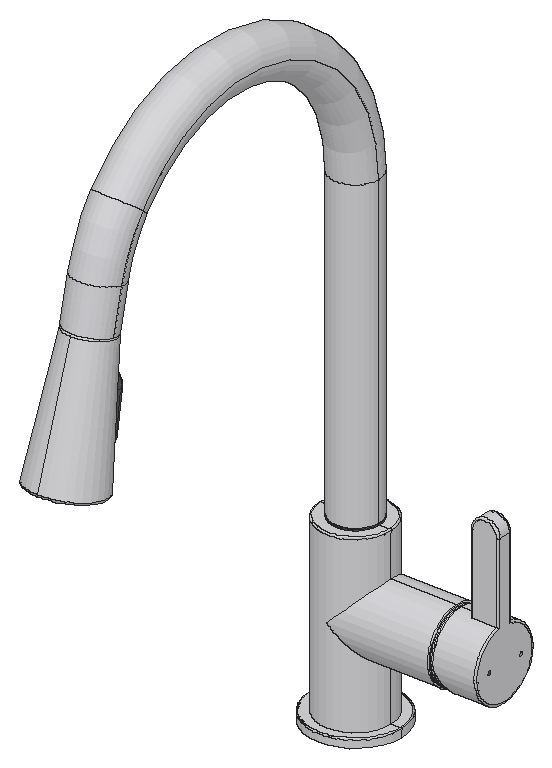
Revit family "Faucet-Kitchen-KOHLER-Atom-K-25981T", category Plumbing Fixtures, host Face, Revit 2022
Family settings
  Host = Face
  Round Connector Dimension = Use Diameter
  Part Type = Normal
  OmniClass Number = 23.31.11.00
  OmniClass Title = Faucets
  Cut with Voids When Loaded = No
  Maintain Annotation Orientation = No
  Shared = No
  Room Calculation Point = No
Parameters (values of type "CP-Polished Chrome")
  Width = 2 1/8"  # constant formula
  WaterSense Certified = 1 = 0  # no
  Waste Water Outlet = "Waste Water Outlet"  # constant formula
  Waste Connection = 1 = 0  # no
  Vent Connection = 1 = 0  # no
  URL = "http://www.kohler.com.cn/"
  Type = 1
  Spout Reach = 8 23/64"  # constant formula
  Product Page URL = "https://www.kohler.com.cn/product/K-25981T-4/K-25981T-4-CP/"
  Product Name = "Atom"  # constant formula
  Product Documentation Link = ""
  Pressure = 60.00 psi  # constant formula
  Model = "K-25981T-4-CP"  # constant formula
  Material = "Premium Metal Construction"  # constant formula
  Master Format 2014 Name = "Residential Faucets, Supplies, and Trim"  # constant formula
  Master Format 2014 = "22 41 39"  # constant formula
  Manufacturer Address = "Kohler Beijing Office (100016)36-2-03-B, No. 88, Liuxiang Road, Beijing"  # constant formula
  Manufacturer = "Kohler Co."  # constant formula
  Length = Spout Reach  # 8 23/64"
  Hot Water Inlet = "Hot Water Inlet"  # constant formula
  Height = 15 173/256"  # constant formula
  Handle Clearance = 2 61/64"  # constant formula
  HW Connection = 1 = 1  # yes
  Flow Rate = 2.2 GPM  # constant formula
  Finish = Kohler-Metal-CP-Polished_Chrome
  Environmental Product Declaration = ""
  Drain Included = 1 = 0  # no
  Description = "Airy pulls down the kitchen faucet"  # constant formula
  Default Elevation = 36"
  Declare Label = ""
  Date Modified = "04/09/2025"  # constant formula
  Date Created = "04/09/2025"  # constant formula
  Copyright = "Copyright Kohler Co."  # constant formula
  Contact Us = "http://www.kohler.com.cn/contact/contact-us/"
  Cold Water Inlet = "Cold Water Inlet"  # constant formula
  CW Connection = 1 = 1  # yes
  Assembly Code = "D2010"
  ADA Compliant = 1 = 0  # no
Reference planes (in)
  plane 1 "Center (Front/Back)": y = 0
  plane 2: z = 0
  plane 3 "Center (Left/Right)": x = 0
  plane 4: y = 1.06299
  plane 5: y = 0.82677
  plane 6: y = -0.82677
  plane 7: y = 0.55118
  plane 8: y = -0.55118
  plane 9: x = -1.06299
  plane 10: x = -0.82677
  plane 11: x = -0.55118
  plane 12: x = -0.17717
  plane 13: x = 0.17717
  plane 14: x = 0.55118
  plane 15: x = 0.82677
  plane 16: y = 0.17717
  plane 17: y = -0.17717
  plane 18: x = 3.43898
  plane 19: z = 2.3622
  plane 20: z = 3.18898
  plane 21: y = -1.06299
  plane 22: y = 0
  plane 23: y = -8.35938
  plane 24: x = -0.64252
  plane 25: x = 0.64252
  plane 26: z = 15.67578
  plane 27: y = 0.45608
  plane 28: y = -0.45608
  plane 29: z = 1.53543
  plane 30: z = 5.31533
  plane 31: x = 1.06201
  plane 32: y = -9.15625
  plane 33: through (0, -8.7227, 0) normal (0, 0.9877, -0.1564)
  plane 34: through (0, 1.06299, 6.15521) normal (0, 0.225, 0.9744)
  plane 35: z = 8.33092
Dimensions and locks (in)
  plane 5 to plane 6 = 1.65354"
  plane 19 to level = 2.3622"
  plane 18 to nested 1 = 3.43898"
  plane 16 to plane 17 = 0.35433"
  plane 7 to plane 8 = 1.10236"
  "Length": plane 22 to plane 23
  "Height": level to plane 26
  "Width": plane 9 to plane 31
  level to plane 35 = 8.33092"
  "Handle Clearance": plane 30 to plane 19
  aligned and locked: plane 2 to host face
  aligned and locked: level to host face
  aligned and locked: plane 1 "Center (Front/Back)" to nested 1
  aligned and locked: plane 3 "Center (Left/Right)" to nested 1
Automatic sketch dimensions
  host sketch curve to host sketch curve = 96"  (x2)
Nested families (in)
  nested 1: "K-25981T" at (0, 0, 0), type "K-25981T"
Connectors (in)
  piping at (-0.64258, 0, 0), diameter 0.5, driven by "HW Connection", driven by "Hot Water Inlet", driven by "Flow Rate", driven by "Pressure"
    settings: on nested 1, index 1, connector inside diameter 24", connector length 0", flow factor 0, pipe flow 2.2 GPM, pressure drop 60.00 psi, fitting loss kfactor 0, connector angle 0.00°, fixture units 0, engagement length 0", angle of deflection 0.00°, flow configuration 0, flow direction 1, fitting loss method 4, system type 19, joint type 0, gender type 0, connector reference index -1, connector utility 1, adjustable connector no, is connector primary yes, connector description "Hot Water Inlet"
  piping at (0.61797, 0, 0), diameter 0.5, driven by "CW Connection", driven by "Cold Water Inlet", driven by "Flow Rate", driven by "Pressure"
    settings: on nested 1, index 2, connector inside diameter 24", connector length 0", flow factor 0, pipe flow 2.2 GPM, pressure drop 60.00 psi, fitting loss kfactor 0, connector angle 0.00°, fixture units 0, engagement length 0", angle of deflection 0.00°, flow configuration 0, flow direction 1, fitting loss method 4, system type 20, joint type 0, gender type 0, connector reference index -1, connector utility 1, adjustable connector no, is connector primary no, connector description "Cold Water Inlet"
Definition of nested family "K-25981T"
  Parameters
    Material = none
    Default Elevation = 48"
  Reference planes (in)
    plane 1 "Center (Front/Back)": y = 0
    plane 2: z = 0
    plane 3 "Center (Left/Right)": x = 0
    plane 4: z = 15.6748
    plane 5: z = 2.3622
    plane 6: z = 5.31496
    plane 7: x = -1.06299
    plane 8: x = 1.06299
    plane 9: y = -1.06299
    plane 10: y = 1.06299
    plane 11: y = -0.55118
    plane 12: y = 0.55118
    plane 13: y = 0.82677
    plane 14: y = -0.82677
    plane 15: y = -9.15625
    plane 16: x = 3.43898
    plane 17: y = -8.36102
    plane 18: y = -0.17717
    plane 19: y = 0.17717
    plane 20: z = 1.53543
    plane 21: x = 0.82677
    plane 22: x = -0.82677
    plane 23: x = 0.55118
    plane 24: x = -0.55118
    plane 25: z = 3.18898
    plane 26: x = 0.17717
    plane 27: x = -0.17717
    plane 28 "B": through (0, -7.07909, 10.37735) normal (0, -0.9877, 0.1564)
    plane 29: z = 8.24229
    plane 30: through (0, -8.75018, 8.42076) normal (0, -0.225, -0.9744)
  Forms (in)
    Revolve 1, solid, material <- "Material", detail levels medium+fine
      sketch origin (0, 0, 0) x (1, 0, 0) y (0, 0, 1)
        loop
          line (0, 0) -> (1.06299, 0) -> (1.06299, 0.17495)
          arc (1.06299, 0.17495) -> (1.05658, 0.19043) -> (1.04109, 0.19685) r 0.0219
          line (1.04109, 0.19685) -> (0, 0.19685) -> (0, 0)
        axis (0, 0) -> (0, 0.19685)
      angle from 0 to 360
    Revolve 2, solid, material <- "Material", detail levels medium+fine
      sketch origin (0, 0, 0) x (1, 0, 0) y (0, 0, 1)
        loop
          line (0.82677, 0.11878) -> (0.82677, 4.18129)
          arc (0.82677, 4.18129) -> (0.8176, 4.20343) -> (0.79547, 4.2126) r 0.03131
          line (0.79547, 4.2126) -> (0, 4.2126) -> (0, 0.11878) -> (0.82677, 0.11878)
        axis (0, 4.2126) -> (0, 0.11878)
      angle from 0 to 360
    Revolve 3, solid, material <- "Material", detail levels medium+fine
      sketch origin (0, 0, 0) x (1, 0, 0) y (0, 0, 1)
        loop
          line (2.35039, 2.3622) -> (2.35039, 3.16917)
          arc (2.35039, 3.16917) -> (2.34459, 3.18317) -> (2.33058, 3.18898) r 0.01981
          line (2.33058, 3.18898) -> (0, 3.18898) -> (0, 2.3622) -> (2.35039, 2.3622)
        axis (0, 2.3622) -> (2.35039, 2.3622)
      angle from 0 to 360
    Revolve 4, solid, material <- "Material", detail levels medium+fine
      sketch origin (0, 0, 0) x (1, 0, 0) y (0, 0, 1)
        loop
          line (2.31512, 3.13386) -> (2.31512, 2.3622) -> (2.38019, 2.3622) -> (2.38019, 3.13386) -> (2.31512, 3.13386)
        axis (2.31512, 2.3622) -> (2.38019, 2.3622)
      angle from 0 to 360
    Revolve 5, solid, material <- "Material", detail levels medium+fine
      sketch origin (0, 0, 0) x (1, 0, 0) y (0, 0, 1)
        loop
          line (3.39914, 3.18898) -> (2.39909, 3.18898) -> (2.39909, 2.3622) -> (3.43898, 2.3622) -> (3.43898, 3.14914)
          arc (3.43898, 3.14914) -> (3.42731, 3.17731) -> (3.39914, 3.18898) r 0.03984
        axis (2.39909, 2.3622) -> (3.43898, 2.3622)
      angle from 0 to 360
    Extrusion 6, void
      sketch origin (0, 0, 0) x (1, 0, 0) y (0, 0, 1)
        loop
          line (2.80615, 1.31748) -> (2.47287, 2.23317)
          arc (2.47287, 2.23317) -> (2.45919, 2.28422) -> (2.45459, 2.33687) r 0.30321
          line (2.45459, 2.33687) -> (2.45459, 3.35873) -> (2.3854, 3.35873) -> (2.3854, 1.31748) -> (2.80615, 1.31748)
      from -1.43527 to 1.53643
    Sweep 7, solid, material <- "Material", detail levels medium+fine
      path origin (0, 0, 0) x (1, 0, 0) y (0, 0, 1)
        loop
          arc (3.43898, 5) -> (3.12402, 5.31496) -> (2.80906, 5) r 0.31496
          line (2.80906, 5) -> (2.80906, 2.3622) -> (3.43898, 2.3622) -> (3.43898, 5)
      profile origin (3.12402, 0, 5.31496) x (0, 0, -1) y (0, -1, 0)
        loop
          line (0, 0.1378) -> (0, -0.1378)
          arc (0, -0.1378) -> (0.01153, -0.16563) -> (0.03937, -0.17717) r 0.03937
          line (0.03937, -0.17717) -> (0.08337, -0.17717) -> (0.08337, 0.17717) -> (0.03937, 0.17717)
          arc (0.03937, 0.17717) -> (0.01153, 0.16563) -> (0, 0.1378) r 0.03937
    Extrusion 8, solid, material <- "Material", detail levels medium+fine
      sketch origin (0, 0, 0) x (1, 0, 0) y (0, 0, 1)
        loop
          line (2.89242, 5) -> (2.89242, 2.3622) -> (3.35561, 2.3622) -> (3.35561, 5)
          arc (3.35561, 5) -> (3.12402, 5.23159) -> (2.89242, 5) r 0.23159
      from -0.17717 to 0.17717
    Extrusion 9, void
      sketch origin (0, 0, 0) x (0, 1, 0) y (0, 0, 1)
        loop
          circle (0.45608, 2.36278) r 0.03937
        loop
          circle (-0.45608, 2.36278) r 0.03937
      from 3.28962 to 3.64668
    Revolve 10, void
      sketch origin (0, 0, 0) x (1, 0, 0) y (0, 0, 1)
        loop
          line (3.22726, 1.74508) -> (3.07283, 1.74508) -> (3.07283, 1.45119) -> (3.22726, 1.45119) -> (3.22726, 1.74508)
        axis (3.07283, 1.74508) -> (3.07283, 1.45119)
      angle from 0 to 360
    Revolve 11, solid, material <- "Material", detail levels medium+fine
      sketch origin (0, 0, 0) x (1, 0, 0) y (0, 0, 1)
        loop
          line (3.24264, 1.74508) -> (3.07283, 1.74508) -> (3.07283, 1.48735) -> (3.16, 1.48735)
          arc (3.16, 1.48735) -> (3.21844, 1.51155) -> (3.24264, 1.56999) r 0.08264
          line (3.24264, 1.56999) -> (3.24264, 1.74508)
        axis (3.07283, 1.74508) -> (3.07283, 1.48735)
      angle from 0 to 360
    Revolve 12, solid, material <- "Material", detail levels medium+fine
      sketch origin (0, 0, 0) x (1, 0, 0) y (0, 0, 1)
        loop
          line (2.36209, 1.56302) -> (2.40206, 1.56302)
          arc (2.40206, 1.56302) -> (2.41906, 1.56535) -> (2.43482, 1.57216) r 0.0633
          line (2.43482, 1.57216) -> (2.54365, 1.63799)
          arc (2.54365, 1.63799) -> (2.56746, 1.65994) -> (2.5808, 1.68944) r 0.08122
          line (2.5808, 1.68944) -> (2.73413, 2.3622) -> (2.36209, 2.3622) -> (2.36209, 1.56302)
        axis (2.36209, 2.3622) -> (2.73413, 2.3622)
      angle from 0 to 360
    Extrusion 13, solid, material <- "Material", detail levels medium+fine
      sketch origin (0, 0, 0) x (1, 0, 0) y (0, 1, 0)
        loop
          circle (-0.64258, 0) r 0.07874
      from 0 to 0.28839
    Extrusion 14, solid, material <- "Material", detail levels medium+fine
      sketch origin (0, 0, 0) x (-1, 0, 0) y (0, -1, 0)
        loop
          circle (-0.64258, 0) r 0.07874
      from 0 to 0.28839
    Extrusion 15, solid, detail levels medium+fine
      sketch origin (0, 0, 0) x (0, 1, 0) y (0, 0, 1)
        loop
          circle (-0.45608, 2.36278) r 0.03937
      from 3.28962 to 3.43898
    Extrusion 16, solid, detail levels medium+fine
      sketch origin (0, 0, 0) x (0, -1, 0) y (0, 0, -1)
        loop
          circle (-0.45608, -2.36278) r 0.03937
      from 3.28962 to 3.43898
    Sweep 17, solid, material <- "Material", detail levels medium+fine
      path origin (0, 0, 0) x (0, 1, 0) y (0, 0, 1)
        loop
          line (0, 4.25245) -> (0, 11.33907)
          arc (0, 11.33907) -> (-2.56706, 14.93714) -> (-6.80459, 13.68045) r 3.80512
          arc (-6.80459, 13.68045) -> (-7.18077, 13.07212) -> (-7.41651, 12.39684) r 3.28816
          line (-7.41651, 12.39684) -> (-7.64166, 11.42161)
      profile origin (0, 0, 7.79576) x (0, -1, 0) y (1, 0, 0)
        loop
          circle (0, 0) r 0.54331
    Revolve 18, solid, material <- "Material", detail levels medium+fine
      sketch origin (0, 0, 0) x (0, 1, 0) y (0, 0, 1)
        loop
          line (-7.63635, 11.46959) -> (-8.06022, 11.56745)
          arc (-8.06022, 11.56745) -> (-8.1387, 11.55625) -> (-8.18928, 11.49521) r 0.11001
          line (-8.18928, 11.49521) -> (-9.14468, 8.64352)
          arc (-9.14468, 8.64352) -> (-9.14249, 8.6201) -> (-9.12367, 8.60598) r 0.02905
          line (-9.12367, 8.60598) -> (-8.33928, 8.42489) -> (-7.63635, 11.46959)
        axis (-7.63635, 11.46959) -> (-8.33928, 8.42489)
      angle from 0 to 360
    Sweep 19, solid, detail levels medium+fine
      path origin (0, -8.50924, 1.34773) x (0, 0.156434, 0.987688) y (-1, 0, 0)
        loop
          arc (8.8659, -0.33714) -> (9.20304, 0) -> (8.8659, 0.33714) r 0.33714
          line (8.8659, 0.33714) -> (7.95592, 0.33714)
          arc (7.95592, 0.33714) -> (7.61878, 0) -> (7.95592, -0.33714) r 0.33714
          line (7.95592, -0.33714) -> (8.8659, -0.33714)
      profile origin (0, -7.06956, 10.43747) x (0, 0.156434, 0.987688) y (0, -0.987688, 0.156434)
        loop
          arc (-0.0618, 0) -> (0.00335, 0.02468) -> (0.03578, 0.08633) r 0.09831
          line (0.03578, 0.08633) -> (0.09049, 0.53189) -> (-0.05667, 0.54301) -> (-0.12334, 0) -> (-0.0618, 0)
    Extrusion 20, solid, detail levels medium+fine
      sketch origin (0, -8.50924, 1.34773) x (0, 0.156434, 0.987688) y (-1, 0, 0)
        loop
          line (8.87821, 0.2261) -> (7.94362, 0.2261)
          arc (7.94362, 0.2261) -> (7.71752, 0) -> (7.94362, -0.2261) r 0.2261
          line (7.94362, -0.2261) -> (8.87821, -0.2261)
          arc (8.87821, -0.2261) -> (9.10431, 0) -> (8.87821, 0.2261) r 0.2261
      from 0 to 0.81262
    Extrusion 21, void
      sketch origin (0, 1.42505, 6.17258) x (0, -0.97437, 0.224951) y (-1, 0, 0)
        loop
          circle (10.0226, -0.00135) r 0.73267
        loop
          circle (10.0226, -0.00135) r 0.70472
      from -0.42574 to 0.2546
    Revolve 22, solid, detail levels medium+fine
      sketch origin (0, 0, 0) x (0, 1, 0) y (0, 0, 1)
        loop
          arc (-8.00821, 8.2431) -> (-7.98514, 8.24698) -> (-7.9716, 8.26606) r 0.03051
          line (-7.9716, 8.26606) -> (-7.90487, 8.55915) -> (-8.29056, 8.6482) -> (-8.36506, 8.32549) -> (-8.00821, 8.2431)
        axis (-8.29056, 8.6482) -> (-8.36506, 8.32549)
      angle from 0 to 360
    Revolve 23, void
      sketch origin (0, 0, 0) x (0, 1, 0) y (0, 0, 1)
        loop
          line (-8.71238, 8.37765) -> (-8.3712, 8.29889) -> (-8.30275, 8.5954) -> (-8.64482, 8.67437) -> (-8.71238, 8.37765)
        axis (-8.30275, 8.5954) -> (-8.3712, 8.29889)
      angle from 0 to 360
    Revolve 24, solid, detail levels medium+fine
      sketch origin (0, 0, 0) x (0, 1, 0) y (0, 0, 1)
        loop
          line (-8.28667, 8.66504) -> (-8.61655, 8.7412) -> (-8.68593, 8.43644) -> (-8.35698, 8.3605) -> (-8.28667, 8.66504)
        axis (-8.35698, 8.3605) -> (-8.28667, 8.66504)
      angle from 0 to 360
    Revolve 25, void
      sketch origin (0, 0, 0) x (0, 1, 0) y (0, 0, 1)
        loop
          line (-8.29876, 8.61266) -> (-8.59482, 8.68101) -> (-8.66425, 8.37607) -> (-8.36911, 8.30794) -> (-8.29876, 8.61266)
        axis (-8.36911, 8.30794) -> (-8.29876, 8.61266)
      angle from 0 to 360
    Extrusion 26, solid, detail levels medium+fine
      sketch origin (0, 1.42505, 6.17258) x (0, -0.97437, 0.224951) y (-1, 0, 0)
        loop
          circle (10.02349, 0) r 0.30306
      from -0.22663 to 0.05257
    Extrusion 27, solid, detail levels medium+fine
      sketch origin (0, 1.42505, 6.17258) x (0, -0.97437, 0.224951) y (-1, 0, 0)
        loop
          circle (10.52372, -0.00023) r 0.05901
        loop
          circle (10.54832, 0.14258) r 0.05906
        loop
          circle (10.45633, 0.25245) r 0.05906
        loop
          circle (10.40611, 0.38749) r 0.05906
        loop
          circle (10.2714, 0.43808) r 0.05906
        loop
          circle (10.16062, 0.53034) r 0.05924
        loop
          circle (10.01773, 0.50623) r 0.05906
        loop
          circle (9.87623, 0.53088) r 0.05906
        loop
          circle (9.76558, 0.43764) r 0.05906
        loop
          circle (9.63039, 0.38731) r 0.05906
        loop
          circle (9.57982, 0.25332) r 0.0591
        loop
          circle (9.48814, 0.14284) r 0.0592
        loop
          circle (9.51213, 0.00074) r 0.05906
        loop
          circle (9.48803, -0.14086) r 0.05906
        loop
          circle (9.57977, -0.25249) r 0.05906
        loop
          circle (9.63027, -0.38766) r 0.05894
        loop
          circle (9.76539, -0.438) r 0.05912
        loop
          circle (9.87592, -0.52905) r 0.05912
        loop
          circle (10.01803, -0.50536) r 0.05896
        loop
          circle (10.15995, -0.52996) r 0.0592
        loop
          circle (10.27134, -0.43836) r 0.0589
        loop
          circle (10.40574, -0.3878) r 0.05906
        loop
          circle (10.45736, -0.25169) r 0.05906
        loop
          circle (10.54778, -0.14266) r 0.05896
      from -0.11345 to 0.05713
    Revolve 28, solid, material <- "Material", detail levels coarse
      sketch origin (0, 0, 0) x (0, 1, 0) y (0, 0, 1)
        loop
          line (1.06299, 0.19685) -> (0, 0.19685) -> (0, 0) -> (1.06299, 0) -> (1.06299, 0.19685)
        axis (0, 0) -> (0, 0.19685)
      angle from 0 to 360
    Revolve 29, solid, material <- "Material", detail levels coarse
      sketch origin (0, 0, 0) x (0, 1, 0) y (0, 0, 1)
        loop
          line (0, 4.2126) -> (-0.85138, 4.2126) -> (-0.85138, 0.15994) -> (0, 0.15994) -> (0, 4.2126)
        axis (0, 4.2126) -> (0, 0.15994)
      angle from 0 to 360
    Revolve 30, solid, material <- "Material", detail levels coarse
      sketch origin (0, 0, 0) x (1, 0, 0) y (0, 0, 1)
        loop
          line (0, 2.3622) -> (0, 1.52313) -> (3.43898, 1.52313) -> (3.43898, 2.3622) -> (0, 2.3622)
        axis (0, 2.3622) -> (3.43898, 2.3622)
      angle from 0 to 360
    Extrusion 31, solid, material <- "Material", detail levels coarse
      sketch origin (0, 0, 0) x (1, 0, 0) y (0, 0, 1)
        loop
          line (3.43898, 2.3622) -> (3.43898, 5.31496) -> (2.80905, 5.31496) -> (2.80905, 2.3622) -> (3.43898, 2.3622)
      from -0.17717 to 0.17717
    Revolve 32, solid, material <- "Material", detail levels coarse
      sketch origin (0, 0, 0) x (1, 0, 0) y (0, 0, 1)
        loop
          line (3.07305, 1.48735) -> (3.15991, 1.48735)
          arc (3.15991, 1.48735) -> (3.22003, 1.51225) -> (3.24494, 1.57238) r 0.08503
          line (3.24494, 1.57238) -> (3.24494, 1.66452) -> (3.07305, 1.66452) -> (3.07305, 1.48735)
        axis (3.07305, 1.48735) -> (3.07305, 1.66452)
      angle from 0 to 360
    Extrusion 33, void
      sketch origin (0, -8.50924, 1.34773) x (0, 0.156434, 0.987688) y (-1, 0, 0)
        loop
          circle (10.97392, 0) r 0.11811
      from 0.09639 to 0.26533
    Extrusion 34, solid, detail levels medium+fine
      sketch origin (0, -8.50924, 1.34773) x (0, 0.156434, 0.987688) y (-1, 0, 0)
        loop
          circle (10.97392, 0) r 0.11811
      from 0.11574 to 0.35378
    Sweep 35, solid, material <- "Material", detail levels coarse
      path origin (0, 0, 0) x (0, 1, 0) y (0, 0, 1)
        loop
          line (-7.63996, 11.42122) -> (-7.43964, 12.23501)
          arc (-7.43964, 12.23501) -> (-3.32011, 15.07986) -> (0, 11.33279) r 3.77453
          line (0, 11.33279) -> (0, 3.45877)
      profile origin (0, 0, 7.39578) x (1, 0, 0) y (0, 1, 0)
        loop
          circle (0, 0.00093) r 0.55118
    Revolve 36, solid, material <- "Material", detail levels coarse
      sketch origin (0, 0, 0) x (0, 1, 0) y (0, 0, 1)
        loop
          line (-7.61303, 11.53454) -> (-8.13925, 11.66408) -> (-9.15928, 8.6142) -> (-8.9109, 8.55686) -> (-8.92316, 8.50302) -> (-8.74091, 8.46094) -> (-8.75158, 8.41472) -> (-8.40094, 8.33377) -> (-7.61303, 11.53454)
        axis (-7.61303, 11.53454) -> (-8.40219, 8.32872)
      angle from 0 to 360
    Extrusion 37, solid, detail levels coarse
      sketch origin (0, -8.50924, 1.34773) x (0, 0.156434, 0.987688) y (-1, 0, 0)
        loop
          line (8.90661, 0.44488) -> (7.98482, 0.44488)
          arc (7.98482, 0.44488) -> (7.53994, 0) -> (7.98482, -0.44488) r 0.44488
          line (7.98482, -0.44488) -> (8.90661, -0.44488)
          arc (8.90661, -0.44488) -> (9.35149, 0) -> (8.90661, 0.44488) r 0.44488
      from -0.02662 to 0.59902
    Extrusion 38, void
      sketch origin (0, -7.55676, 0.40727) x (0, -0.053816, -0.998551) y (-1, 0, 0)
        loop
          line (-11.15683, -0.10982) -> (-11.4596, -0.10982)
          arc (-11.4596, -0.10982) -> (-11.5611, -0.00832) -> (-11.4596, 0.09318) r 0.1015
          line (-11.4596, 0.09318) -> (-11.15683, 0.09318) -> (-11.15683, 0.15716) -> (-11.46556, 0.15716)
          arc (-11.46556, 0.15716) -> (-11.63104, -0.00832) -> (-11.46556, -0.1738) r 0.16548
          line (-11.46556, -0.1738) -> (-11.15683, -0.1738) -> (-11.15683, -0.10982)
      from -0.21079 to 0.03698
    Extrusion 39, solid, detail levels medium+fine
      sketch origin (0, -7.55676, 0.40727) x (0, -0.053816, -0.998551) y (-1, 0, 0)
        loop
          line (-11.15683, -0.10982) -> (-11.4596, -0.10982)
          arc (-11.4596, -0.10982) -> (-11.5611, -0.00832) -> (-11.4596, 0.09318) r 0.1015
          line (-11.4596, 0.09318) -> (-11.15683, 0.09318) -> (-11.15683, 0.15716) -> (-11.46556, 0.15716)
          arc (-11.46556, 0.15716) -> (-11.63104, -0.00832) -> (-11.46556, -0.1738) r 0.16548
          line (-11.46556, -0.1738) -> (-11.15683, -0.1738) -> (-11.15683, -0.10982)
      from -0.45942 to -0.02129
    Extrusion 40, void
      sketch origin (0, 0, 0) x (0, 1, 0) y (0, 0, 1)
        loop
          line (-6.94077, 12.07805) -> (-7.08631, 11.44764) -> (-6.90268, 11.44764) -> (-6.94077, 12.07805)
      from -0.28047 to 0.2261
    Extrusion 41, void
      sketch origin (0, 0, 0) x (1, 0, 0) y (0, 0, 1)
        loop
          circle (0.0075, 4.56812) r 0.11941
      from -0.69418 to -0.40589
    Revolve 42, solid, detail levels medium+fine
      sketch origin (0, 0, 0) x (0, 1, 0) y (0, 0, 1)
        loop
          line (0.40589, 4.68507) -> (0.40589, 4.56812) -> (0.54258, 4.56812) -> (0.54258, 4.66539)
          arc (0.54258, 4.66539) -> (0.53682, 4.67931) -> (0.5229, 4.68507) r 0.01969
          line (0.5229, 4.68507) -> (0.40589, 4.68507)
        axis (0.40589, 4.56812) -> (0.54258, 4.56812)
      angle from 0 to 360
    Revolve 43, solid, detail levels medium+fine
      sketch origin (0, 0, 0) x (0, 1, 0) y (0, 0, 1)
        loop
          line (0, 4.25245) -> (0, 4.2003) -> (0.55211, 4.2003) -> (0.55211, 4.23277)
          arc (0.55211, 4.23277) -> (0.54635, 4.24669) -> (0.53243, 4.25245) r 0.01969
          line (0.53243, 4.25245) -> (0, 4.25245)
        axis (0, 4.2003) -> (0, 4.25245)
      angle from 0 to 360
  Cuts and joins
    Extrusion 9, Extrusion 21, Revolve 23, Revolve 25, Extrusion 33 cuts Revolve 1
    Extrusion 9, Extrusion 21, Revolve 23, Revolve 25, Extrusion 33 cuts Revolve 2
    Extrusion 9, Extrusion 21, Revolve 23, Revolve 25, Extrusion 33 cuts Revolve 3
    Extrusion 9, Extrusion 21, Revolve 23, Revolve 25, Extrusion 33 cuts Revolve 4
    Extrusion 6, Extrusion 9, Revolve 10, Extrusion 21, Revolve 23, Revolve 25, Extrusion 33 cuts Revolve 5
    Extrusion 9, Extrusion 21, Revolve 23, Revolve 25, Extrusion 33 cuts Sweep 7
    Extrusion 9, Extrusion 21, Revolve 23, Revolve 25, Extrusion 33 cuts Extrusion 8
    Extrusion 21, Revolve 23, Revolve 25, Extrusion 33 cuts Revolve 11
    Extrusion 21, Revolve 23, Revolve 25, Extrusion 33 cuts Revolve 12
    Extrusion 21, Revolve 23, Revolve 25, Extrusion 33, Extrusion 38, Extrusion 41 cuts Sweep 17
    Extrusion 21, Revolve 23, Revolve 25, Extrusion 33 cuts Revolve 18
    joined: Revolve 1, Revolve 2, Revolve 3, Revolve 4, Revolve 5, Sweep 7, Extrusion 8, Revolve 11, Revolve 12, Sweep 17, Revolve 18
    Revolve 23, Revolve 25 cuts Revolve 22
    Revolve 25 cuts Revolve 24
    Extrusion 33 cuts Revolve 28
    Extrusion 33 cuts Revolve 29
    Extrusion 33 cuts Revolve 30
    Extrusion 33 cuts Extrusion 31
    Extrusion 33 cuts Revolve 32
    joined: Revolve 28, Revolve 29, Revolve 30, Extrusion 31, Revolve 32, Sweep 35, Revolve 36
    Extrusion 21, Revolve 23, Revolve 25, Extrusion 33 cuts Sweep 19
    Extrusion 21, Revolve 23, Revolve 25, Extrusion 33 cuts Extrusion 20
    joined: Sweep 19, Extrusion 20
    Extrusion 40 cuts Extrusion 39
  Lines and regions (in)
    Masking region 1
      outline origin (0, 0, 0) x (1, 0, 0) y (0, 1, 0)
        loop
          arc (0.55118, -0.90893) -> (0.61104, -0.86982) -> (0.66813, -0.82677) r 1.06299
          line (0.66813, -0.82677) -> (2.3284, -0.82677)
          arc (2.3284, -0.82677) -> (2.34602, -0.81827) -> (2.35033, -0.79918) r 0.02251
          line (2.35033, -0.79918) -> (2.40067, -0.79918)
          arc (2.40067, -0.79918) -> (2.42969, -0.79361) -> (2.45459, -0.77767) r 0.07835
          line (2.45459, -0.77767) -> (2.45459, -0.82677) -> (3.39961, -0.82677)
          arc (3.39961, -0.82677) -> (3.42745, -0.81524) -> (3.43898, -0.7874) r 0.03937
          line (3.43898, -0.7874) -> (3.43898, 0.07896) -> (3.43898, 0.7874)
          arc (3.43898, 0.7874) -> (3.42745, 0.81524) -> (3.39961, 0.82677) r 0.03937
          line (3.39961, 0.82677) -> (2.45459, 0.82677) -> (2.45459, 0.77767)
          arc (2.45459, 0.77767) -> (2.42969, 0.79361) -> (2.40067, 0.79918) r 0.07835
          line (2.40067, 0.79918) -> (2.35033, 0.79918)
          arc (2.35033, 0.79918) -> (2.34602, 0.81827) -> (2.3284, 0.82677) r 0.02251
          line (2.3284, 0.82677) -> (0.66813, 0.82677)
          arc (0.66813, 0.82677) -> (-0.86982, 0.61104) -> (-0.55118, -0.90893) r 1.06299
          line (-0.55118, -0.90893) -> (-0.55118, -7.53351) -> (-0.76374, -7.98624)
          arc (-0.76374, -7.98624) -> (-0.70821, -8.78466) -> (0, -9.15748) r 0.82209
          arc (0, -9.15748) -> (0.70821, -8.78466) -> (0.76374, -7.98624) r 0.82209
          line (0.76374, -7.98624) -> (0.55118, -7.53351) -> (0.55118, -0.90893)
    Masking region 2
      outline origin (0, 0, 0) x (1, 0, 0) y (0, 0, 1)
        loop
          line (1.06299, 0) -> (1.06299, 0.17638)
          arc (1.06299, 0.17638) -> (1.057, 0.19086) -> (1.04252, 0.19685) r 0.02047
          line (1.04252, 0.19685) -> (0.82677, 0.19685) -> (0.82677, 1.41292)
          arc (0.82677, 1.41292) -> (0.86266, 1.49955) -> (0.94929, 1.53543) r 0.12252
          line (0.94929, 1.53543) -> (2.32985, 1.53543)
          arc (2.32985, 1.53543) -> (2.35, 1.54451) -> (2.36209, 1.56302) r 0.03937
          line (2.36209, 1.56302) -> (2.39979, 1.56302)
          arc (2.39979, 1.56302) -> (2.42139, 1.56606) -> (2.44132, 1.57493) r 0.07837
          line (2.44132, 1.57493) -> (2.54734, 1.64118)
          arc (2.54734, 1.64118) -> (2.56885, 1.66153) -> (2.5808, 1.68862) r 0.07491
          line (2.5808, 1.68862) -> (2.61479, 1.84325) -> (2.72683, 1.53543) -> (2.9106, 1.53543)
          arc (2.9106, 1.53543) -> (2.94308, 1.50033) -> (2.98911, 1.48735) r 0.08814
          line (2.98911, 1.48735) -> (3.15699, 1.48735)
          arc (3.15699, 1.48735) -> (3.20284, 1.50033) -> (3.23507, 1.53543) r 0.08744
          line (3.23507, 1.53543) -> (3.39961, 1.53543)
          arc (3.39961, 1.53543) -> (3.42745, 1.54696) -> (3.43898, 1.5748) r 0.03937
          line (3.43898, 1.5748) -> (3.43898, 5)
          arc (3.43898, 5) -> (3.12402, 5.31496) -> (2.80905, 5) r 0.31496
          line (2.80905, 5) -> (2.80905, 3.27874)
          arc (2.80905, 3.27874) -> (2.78276, 3.21527) -> (2.71929, 3.18898) r 0.08976
          line (2.71929, 3.18898) -> (2.45588, 3.18898) -> (2.45588, 3.13775)
          arc (2.45588, 3.13775) -> (2.43022, 3.15524) -> (2.39979, 3.16139) r 0.07837
          line (2.39979, 3.16139) -> (2.36209, 3.16139)
          arc (2.36209, 3.16139) -> (2.35, 3.17989) -> (2.32985, 3.18898) r 0.03937
          line (2.32985, 3.18898) -> (0.91639, 3.18898)
          arc (0.91639, 3.18898) -> (0.85302, 3.21522) -> (0.82677, 3.27859) r 0.08962
          line (0.82677, 3.27859) -> (0.82677, 4.18014)
          arc (0.82677, 4.18014) -> (0.81727, 4.20309) -> (0.79432, 4.2126) r 0.03246
          line (0.79432, 4.2126) -> (0.55118, 4.2126) -> (0.55118, 8.28942)
          arc (0.55118, 8.28942) -> (0.6434, 8.30993) -> (0.73208, 8.34252) r 0.70955
          arc (0.73208, 8.34252) -> (0.8055, 8.40788) -> (0.82677, 8.50384) r 0.15979
          line (0.82677, 8.50384) -> (0.55118, 11.41236) -> (0.55118, 15.12455)
          arc (0.55118, 15.12455) -> (0, 15.67574) -> (-0.55118, 15.12455) r 0.55118
          line (-0.55118, 15.12455) -> (-0.55118, 11.41236) -> (-0.82677, 8.50384)
          arc (-0.82677, 8.50384) -> (-0.8055, 8.40788) -> (-0.73208, 8.34252) r 0.15979
          arc (-0.73208, 8.34252) -> (-0.6434, 8.30993) -> (-0.55118, 8.28942) r 0.70955
          line (-0.55118, 8.28942) -> (-0.55118, 4.2126) -> (-0.79432, 4.2126)
          arc (-0.79432, 4.2126) -> (-0.81727, 4.20309) -> (-0.82677, 4.18014) r 0.03246
          line (-0.82677, 4.18014) -> (-0.82677, 0.19685) -> (-1.04269, 0.19685)
          arc (-1.04269, 0.19685) -> (-1.05704, 0.1909) -> (-1.06299, 0.17655) r 0.02031
          line (-1.06299, 0.17655) -> (-1.06299, 0) -> (1.06299, 0)
    Masking region 3
      outline origin (0, 0, 0) x (0, 1, 0) y (0, 0, 1)
        loop
          line (-1.06299, 0) -> (1.06299, 0) -> (1.06299, 0.1742)
          arc (1.06299, 0.1742) -> (1.05636, 0.19022) -> (1.04035, 0.19685) r 0.02265
          line (1.04035, 0.19685) -> (0.82677, 0.19685) -> (0.82677, 4.18034)
          arc (0.82677, 4.18034) -> (0.81732, 4.20315) -> (0.79452, 4.2126) r 0.03225
          line (0.79452, 4.2126) -> (0.55118, 4.2126) -> (0.55118, 11.34005)
          arc (0.55118, 11.34005) -> (-3.29297, 15.64705) -> (-8.00746, 12.31518) r 4.33487
          line (-8.00746, 12.31518) -> (-8.18485, 11.54683) -> (-8.1544, 11.53981)
          arc (-8.1544, 11.53981) -> (-8.17936, 11.53492) -> (-8.19525, 11.51505) r 0.03693
          line (-8.19525, 11.51505) -> (-9.15498, 8.64544)
          arc (-9.15498, 8.64544) -> (-9.15293, 8.62371) -> (-9.13547, 8.61061) r 0.02697
          line (-9.13547, 8.61061) -> (-8.91049, 8.55867) -> (-8.92216, 8.50739) -> (-8.7399, 8.46531) -> (-8.75018, 8.42076) -> (-7.97713, 8.24229) -> (-7.96685, 8.28684) -> (-7.77386, 8.24229) -> (-7.76219, 8.29356) -> (-7.54289, 8.24293)
          arc (-7.54289, 8.24293) -> (-7.52153, 8.24703) -> (-7.5102, 8.2656) r 0.02688
          line (-7.5102, 8.2656) -> (-7.43404, 8.8406) -> (-7.39951, 8.83636)
          arc (-7.39951, 8.83636) -> (-7.34296, 8.85151) -> (-7.31281, 8.90169) r 0.07814
          line (-7.31281, 8.90169) -> (-7.07813, 10.38338)
          arc (-7.07813, 10.38338) -> (-7.08546, 10.43177) -> (-7.11937, 10.46707) r 0.08087
          arc (-7.11937, 10.46707) -> (-7.16603, 10.48899) -> (-7.21494, 10.50524) r 0.4365
          line (-7.21494, 10.50524) -> (-7.11574, 11.25992)
          arc (-7.11574, 11.25992) -> (-7.10901, 11.30305) -> (-7.10022, 11.34581) r 0.90764
          line (-7.10022, 11.34581) -> (-6.93151, 12.07657)
          arc (-6.93151, 12.07657) -> (-6.73892, 12.63294) -> (-6.46021, 13.15154) r 3.68626
          arc (-6.46021, 13.15154) -> (-5.66626, 13.98587) -> (-4.62185, 14.47134) r 3.08876
          arc (-4.62185, 14.47134) -> (-1.81193, 13.88119) -> (-0.55118, 11.30157) r 3.26946
          line (-0.55118, 11.30157) -> (-0.55118, 4.2126) -> (-0.79449, 4.2126)
          arc (-0.79449, 4.2126) -> (-0.81732, 4.20314) -> (-0.82677, 4.18032) r 0.03228
          line (-0.82677, 4.18032) -> (-0.82677, 0.19685) -> (-1.04016, 0.19685)
          arc (-1.04016, 0.19685) -> (-1.0563, 0.19016) -> (-1.06299, 0.17402) r 0.02283
          line (-1.06299, 0.17402) -> (-1.06299, 0)
    symbolic lines, detail levels medium+fine
      curve 1: line (2.80906, 0.1378, 0) -> (2.80906, -0.1378, 0)
      curve 2: arc (2.84843, -0.17717, 0) -> (2.82059, -0.16563, 0) -> (2.80906, -0.1378, 0) r 0.03937
      curve 3: arc (2.80906, 0.1378, 0) -> (2.82059, 0.16563, 0) -> (2.84843, 0.17717, 0) r 0.03937
      curve 4: arc (3.43898, 0.1378, 0) -> (3.42745, 0.16563, 0) -> (3.39961, 0.17717, 0) r 0.03937
      curve 5: arc (3.39961, -0.17717, 0) -> (3.42745, -0.16563, 0) -> (3.43898, -0.1378, 0) r 0.03937
      curve 6: line (3.39961, 0.17717, 0) -> (2.84843, 0.17717, 0)
      curve 7: line (3.39961, -0.17717, 0) -> (2.84843, -0.17717, 0)
      curve 8: line (3.43898, 0.1378, 0) -> (2.80906, 0.1378, 0)
      curve 9: line (2.80906, -0.1378, 0) -> (3.43898, -0.1378, 0)
      curve 10: line (3.39961, 0.82677, 0) -> (3.39961, -0.82677, 0)
      curve 11: line (2.45459, -0.82677, 0) -> (2.45459, 0.82677, 0)
      curve 12: line (2.36209, -0.79918, 0) -> (2.36209, 0.79918, 0)
      curve 13: line (2.35033, 0.79918, 0) -> (2.35033, -0.79918, 0)
      curve 14: line (2.3284, 0.82677, 0) -> (2.3284, -0.82677, 0)
      curve 15: line (-0.55118, -0.96029, 0) -> (-0.55118, 0.00093, 0)
      curve 16: line (0.55118, -0.96029, 0) -> (0.55118, 0.00093, 0)
      curve 17: arc (-0.55118, 0.00093, 0) -> (0, 0.55211, 0) -> (0.55118, 0.00093, 0) r 0.55118
      curve 18: arc (0.55118, -0.61624, 0) -> (0, 0.82677, 0) -> (-0.55118, -0.61624, 0) r 0.82677
      curve 19: arc (0.55118, -0.59965, 0) -> (0, 0.81448, 0) -> (-0.55118, -0.59965, 0) r 0.81448
      curve 20: line (0.69426, -0.82677, 0) -> (0.55118, -0.82677, 0)
      curve 21: line (0.72981, 0.82677, 0) -> (0, 0.82677, 0)
      curve 22: arc (0.53404, 0.82677, 0) -> (-0.82115, 0.54264, 0) -> (-0.55118, -0.81545, 0) r 0.98425
      curve 23: arc (0.56371, 0.82677, 0) -> (-0.831, 0.55746, 0) -> (-0.55118, -0.83518, 0) r 1.00066
      curve 24: arc (0.60005, 0.82677, 0) -> (-0.8438, 0.57586, 0) -> (-0.55118, -0.86013, 0) r 1.02158
      curve 25: arc (0.55118, -0.86013, 0) -> (0.57586, -0.8438, 0) -> (0.60005, -0.82677, 0) r 1.02158
      curve 26: spline (0.55118, -7.65015, 0) -> (0.5324, -7.78915, 0) -> (0.47734, -7.91867, 0) -> (0.38974, -8.0299, 0) -> (0.27559, -8.11525, 0) -> (0.14266, -8.1689, 0) -> (0, -8.1872, 0) -> (-0.14266, -8.1689, 0) -> (-0.27559, -8.11525, 0) -> (-0.38974, -8.0299, 0) -> (-0.47734, -7.91867, 0) -> (-0.5324, -7.78915, 0) -> (-0.55118, -7.65015, 0)
      curve 27: line (-0.55118, -7.65015, 0) -> (-0.55118, -7.48619, 0)
      curve 28: line (0.55118, -7.65015, 0) -> (0.55118, -7.48619, 0)
      curve 29: arc (-0.55118, -7.53351, 0) -> (0, -8.2955, 0) -> (0.55118, -7.53351, 0) r 0.58034
      curve 30: spline (0.54943, 0, 11.41297) -> (0.54069, 0, 11.44691) -> (0.4913, 0, 11.47904) -> (0.40496, 0, 11.50695) -> (0.28817, 0, 11.52853) -> (0.14971, 0, 11.54217) -> (0, 0, 11.54683) -> (-0.14971, 0, 11.54217) -> (-0.28817, 0, 11.52853) -> (-0.40496, 0, 11.50695) -> (-0.4913, 0, 11.47904) -> (-0.54069, 0, 11.44691) -> (-0.54943, 0, 11.41297)
      curve 31: arc (-0.54943, 0, 11.41297) -> (0, 0, 11.50564) -> (0.54943, 0, 11.41297) r 1.67509
      curve 32: arc (-0.55118, 0, 12.33423) -> (0, 0, 12.4247) -> (0.55118, 0, 12.33423) r 1.72422
      curve 33: line (-0.55118, 0, 4.2126) -> (0.55118, 0, 4.2126)
      curve 34: line (-0.82677, 0, 4.18014) -> (0.82677, 0, 4.18014)
      curve 35: line (-0.55118, 0, 4.24457) -> (0.55118, 0, 4.24457)
      curve 36: line (0.30254, 0, 2.6649) -> (0.85295, 0, 3.2153)
      curve 37: line (0.86258, 0, 1.49948) -> (0.30254, 0, 2.05951)
      curve 38: arc (0.30254, 0, 2.05951) -> (0.17717, 0, 2.3622) -> (0.30254, 0, 2.6649) r 0.42807
      curve 39: line (0.96623, 0, 0.19685) -> (-0.92741, 0, 0.19685)
      curve 40: line (-1.06299, 0, 0.17655) -> (1.06297, 0, 0.17655)
      curve 41: line (2.36209, 0, 1.56302) -> (2.36209, 0, 3.16139)
      curve 42: line (2.47287, 0, 2.23317) -> (2.72748, 0, 1.53364)
      curve 43: line (2.45459, 0, 2.33687) -> (2.45459, 0, 3.18898)
      curve 44: arc (2.47287, 0, 2.23317) -> (2.45919, 0, 2.28422) -> (2.45459, 0, 2.33687) r 0.30321
      curve 45: line (2.32985, 0, 3.18898) -> (2.32985, 0, 1.53543)
      curve 46: line (2.69656, 0, 3.18898) -> (3.43898, 0, 3.18898)
      curve 47: line (2.80905, 0, 3.27874) -> (3.43898, 0, 3.27874)
      curve 48: line (2.89677, 0, 1.53543) -> (3.24652, 0, 1.53543)
      curve 49: line (3.39961, 0, 1.53543) -> (3.39961, 0, 4.99086)
      curve 50: line (2.84722, 0, 4.99086) -> (2.84722, 0, 3.18898)
      curve 51: arc (3.39961, 0, 4.99086) -> (3.12341, 0, 5.26705) -> (2.84722, 0, 4.99086) r 0.27619
      curve 52: line (0, 0.88742, 0.19685) -> (0, -0.93961, 0.19685)
      curve 53: line (0, 0.67285, 4.2126) -> (0, 0.17717, 4.2126)
      curve 54: line (0, -0.55118, 11.33279) -> (0, 0.55118, 11.33279)
      curve 55: line (0, 0.17717, 5.27559) -> (0, 0.17717, 3.26447)
      curve 56: line (0, -0.17717, 5.27559) -> (0, -0.17717, 3.2646)
      curve 57: arc (0, -0.26236, 3.14624) -> (0, 0.00006, 1.53543) -> (0, 0.26226, 3.14628) r 0.82677
      curve 58: line (0, 0.1378, 5.31496) -> (0, -0.1378, 5.31496)
      curve 59: arc (0, -0.1378, 5.31496) -> (0, -0.16563, 5.30343) -> (0, -0.17717, 5.27559) r 0.03937
      curve 60: arc (0, 0.17717, 5.27559) -> (0, 0.16563, 5.30343) -> (0, 0.1378, 5.31496) r 0.03937
      curve 61: line (0, 0.1378, 5.31496) -> (0, 0.1378, 3.25961)
      curve 62: line (0, -0.1378, 5.31496) -> (0, -0.1378, 3.25948)
      curve 63: arc (0, -0.24584, 3.11025) -> (0, -0.00005, 1.5748) -> (0, 0.24594, 3.11021) r 0.7874
      curve 64: arc (0, 0.17717, 3.26447) -> (0, 0.20065, 3.19165) -> (0, 0.26226, 3.14628) r 0.12463
      curve 65: arc (0, 0.1378, 3.25961) -> (0, 0.16767, 3.16739) -> (0, 0.24594, 3.11021) r 0.15726
      curve 66: arc (0, -0.17717, 3.2646) -> (0, -0.20068, 3.19168) -> (0, -0.26236, 3.14624) r 0.1248
      curve 67: arc (0, -0.1378, 3.25948) -> (0, -0.16764, 3.16736) -> (0, -0.24584, 3.11025) r 0.15709
      curve 68: line (0, 1.06299, 0.1742) -> (0, -1.06299, 0.1742)
      curve 69: line (0, -0.17717, 4.2126) -> (0, -0.58249, 4.2126)
      curve 70: line (0, 0.55118, 4.23626) -> (0, 0.17717, 4.23626)
      curve 71: line (0, -0.17717, 4.23626) -> (0, -0.55118, 4.23626)
      curve 72: line (0, 0.82677, 4.18034) -> (0, 0.17717, 4.18034)
      curve 73: line (0, -0.82677, 4.18034) -> (0, -0.17717, 4.18034)
      curve 74: circle (0, 0.45608, 2.3622) r 0.03937 normal (1, 0, 0)
      curve 75: circle (0, -0.45608, 2.3622) r 0.03937 normal (-1, 0, 0)
      curve 76: line (0, 0.01026, 1.48765) -> (0, -0.08817, 1.48765)
      curve 77: arc (0, -0.08817, 1.48765) -> (0, -0.13975, 1.50597) -> (0, -0.16821, 1.55273) r 0.08176
      curve 78: line (0, 0.01026, 1.48765) -> (0, 0.08817, 1.48765)
      curve 79: arc (0, 0.08817, 1.48765) -> (0, 0.13975, 1.50597) -> (0, 0.16821, 1.55273) r 0.08176
      curve 80: arc (-0.55166, 0, 8.28849) -> (0, 0, 8.24132) -> (0.55166, 0, 8.28849) r 3.24928
      curve 81: arc (-0.75349, 0, 8.54221) -> (-0.38151, 0, 8.63203) -> (0, 0, 8.66183) r 2.40945
      curve 82: arc (-0.83217, 0, 8.48344) -> (-0.79765, 0, 8.51928) -> (-0.75349, 0, 8.54221) r 0.15374
      curve 83: arc (-0.83397, 0, 8.41739) -> (-0.84287, 0, 8.45068) -> (-0.83217, 0, 8.48344) r 0.06056
      curve 84: arc (0.75349, 0, 8.54221) -> (0.38151, 0, 8.63203) -> (0, 0, 8.66183) r 2.40945
      curve 85: arc (0.83217, 0, 8.48344) -> (0.79765, 0, 8.51928) -> (0.75349, 0, 8.54221) r 0.15374
      curve 86: arc (0.83397, 0, 8.41739) -> (0.84287, 0, 8.45068) -> (0.83217, 0, 8.48344) r 0.06056
      curve 87: spline (0, 0, 8.58384) -> (-0.15811, 0, 8.57972) -> (-0.30808, 0, 8.56774) -> (-0.44227, 0, 8.54848) -> (-0.55383, 0, 8.52295) -> (-0.63708, 0, 8.49243) -> (-0.68776, 0, 8.45849) -> (-0.70329, 0, 8.42286) -> (-0.68288, 0, 8.38735) -> (-0.62757, 0, 8.35378) -> (-0.54018, 0, 8.32386) -> (-0.42517, 0, 8.29911) -> (-0.2884, 0, 8.2808)
      curve 88: spline (0, 0, 8.58384) -> (0.15819, 0, 8.57972) -> (0.30823, 0, 8.56772) -> (0.44246, 0, 8.54845) -> (0.55403, 0, 8.52289) -> (0.63725, 0, 8.49235) -> (0.68786, 0, 8.45839) -> (0.70328, 0, 8.42273) -> (0.68272, 0, 8.38721) -> (0.62724, 0, 8.35364) -> (0.53966, 0, 8.32372) -> (0.42446, 0, 8.29899) -> (0.28752, 0, 8.28071)
      curve 89: spline (0, 0, 8.2467) -> (-0.04571, 0, 8.24738) -> (-0.09065, 0, 8.24939) -> (-0.13403, 0, 8.2527) -> (-0.17512, 0, 8.25726) -> (-0.21321, 0, 8.26298) -> (-0.24765, 0, 8.26978) -> (-0.27786, 0, 8.27753) -> (-0.30331, 0, 8.2861) -> (-0.32358, 0, 8.29534) -> (-0.3383, 0, 8.3051) -> (-0.34724, 0, 8.31521) -> (-0.35024, 0, 8.32549)
      curve 90: spline (0, 0, 8.2467) -> (0.04571, 0, 8.24738) -> (0.09065, 0, 8.24939) -> (0.13403, 0, 8.2527) -> (0.17512, 0, 8.25726) -> (0.21321, 0, 8.26298) -> (0.24765, 0, 8.26978) -> (0.27786, 0, 8.27753) -> (0.30331, 0, 8.2861) -> (0.32358, 0, 8.29534) -> (0.3383, 0, 8.3051) -> (0.34724, 0, 8.31521) -> (0.35024, 0, 8.32549)
      curve 91: line (-0.35024, 0, 8.32549) -> (-0.35024, 0, 8.42219)
      curve 92: line (0.35024, 0, 8.32549) -> (0.35024, 0, 8.42219)
      curve 93: spline (-0.35024, 0, 8.42219) -> (-0.35054, 0, 8.42584) -> (-0.3501, 0, 8.42948) -> (-0.34891, 0, 8.43312) -> (-0.34697, 0, 8.43674) -> (-0.3443, 0, 8.44033) -> (-0.34088, 0, 8.4439) -> (-0.33674, 0, 8.44742) -> (-0.33187, 0, 8.4509) -> (-0.3263, 0, 8.45433) -> (-0.32003, 0, 8.45769) -> (-0.31307, 0, 8.46098) -> (-0.30545, 0, 8.4642)
      curve 94: spline (0.35024, 0, 8.42219) -> (0.35054, 0, 8.42585) -> (0.3501, 0, 8.42951) -> (0.34889, 0, 8.43316) -> (0.34694, 0, 8.43679) -> (0.34424, 0, 8.4404) -> (0.3408, 0, 8.44398) -> (0.33662, 0, 8.44752) -> (0.33172, 0, 8.45101) -> (0.3261, 0, 8.45444) -> (0.31978, 0, 8.45781) -> (0.31277, 0, 8.46112) -> (0.30509, 0, 8.46434)
      curve 95: spline (-0.32796, 0, 8.33959) -> (-0.31678, 0, 8.36317) -> (-0.28402, 0, 8.38514) -> (-0.2319, 0, 8.40401) -> (-0.16398, 0, 8.41848) -> (-0.08488, 0, 8.42758) -> (0, 0, 8.43069) -> (0.08488, 0, 8.42758) -> (0.16398, 0, 8.41848) -> (0.2319, 0, 8.40401) -> (0.28402, 0, 8.38514) -> (0.31678, 0, 8.36317) -> (0.32796, 0, 8.33959) -> (0.31678, 0, 8.31601) -> (0.28402, 0, 8.29404) -> (0.2319, 0, 8.27517) -> (0.16398, 0, 8.2607) -> (0.08488, 0, 8.2516) -> (0, 0, 8.24849) -> (-0.08488, 0, 8.2516) -> (-0.16398, 0, 8.2607) -> (-0.2319, 0, 8.27517) -> (-0.28402, 0, 8.29404) -> (-0.31678, 0, 8.31601) -> (-0.32796, 0, 8.33959)
      curve 96: spline (0.3189, 0, 8.31832) -> (0.28839, 0, 8.30698) -> (0.24635, 0, 8.297) -> (0.19446, 0, 8.28877) -> (0.1348, 0, 8.28262) -> (0.06975, 0, 8.2788) -> (0.00191, 0, 8.27746) -> (-0.066, 0, 8.27866) -> (-0.13127, 0, 8.28234) -> (-0.1913, 0, 8.28836) -> (-0.24368, 0, 8.29649) -> (-0.28632, 0, 8.30638) -> (-0.31752, 0, 8.31765)
      curve 97: spline (-0.25003, 0, 8.2705) -> (-0.40181, 0, 8.28769) -> (-0.5319, 0, 8.31228) -> (-0.63331, 0, 8.34296) -> (-0.70057, 0, 8.37806) -> (-0.73008, 0, 8.41571) -> (-0.72023, 0, 8.45387) -> (-0.67157, 0, 8.4905) -> (-0.58671, 0, 8.52362) -> (-0.47022, 0, 8.55145) -> (-0.32835, 0, 8.57249) -> (-0.16875, 0, 8.58562) -> (0, 0, 8.59012)
      curve 98: spline (0.24989, 0, 8.27049) -> (0.4017, 0, 8.28767) -> (0.53182, 0, 8.31226) -> (0.63325, 0, 8.34294) -> (0.70054, 0, 8.37804) -> (0.73007, 0, 8.41569) -> (0.72025, 0, 8.45385) -> (0.6716, 0, 8.49048) -> (0.58674, 0, 8.52361) -> (0.47024, 0, 8.55144) -> (0.32837, 0, 8.57249) -> (0.16876, 0, 8.58562) -> (0, 0, 8.59012)
      curve 99: spline (0.32699, 0, 8.34219) -> (0.30209, 0, 8.3294) -> (0.26208, 0, 8.31793) -> (0.20896, 0, 8.30836) -> (0.1454, 0, 8.30115) -> (0.07456, 0, 8.29668) -> (0, 0, 8.29516) -> (-0.07456, 0, 8.29668) -> (-0.1454, 0, 8.30115) -> (-0.20896, 0, 8.30836) -> (-0.26208, 0, 8.31793) -> (-0.30209, 0, 8.3294) -> (-0.32699, 0, 8.34219)
      curve 100: spline (0.32699, 0, 8.34219) -> (0.3026, 0, 8.33587) -> (0.26285, 0, 8.3302) -> (0.20977, 0, 8.32546) -> (0.14606, 0, 8.32189) -> (0.07493, 0, 8.31967) -> (0, 0, 8.31892) -> (-0.07493, 0, 8.31967) -> (-0.14606, 0, 8.32189) -> (-0.20977, 0, 8.32546) -> (-0.26285, 0, 8.3302) -> (-0.3026, 0, 8.33587) -> (-0.32699, 0, 8.34219)
      curve 101: spline (-0.53034, 0, 8.41588) -> (-0.54567, 0, 8.41543) -> (-0.55996, 0, 8.4141) -> (-0.57223, 0, 8.41198) -> (-0.58164, 0, 8.40922) -> (-0.58756, 0, 8.40601) -> (-0.58958, 0, 8.40256) -> (-0.58756, 0, 8.39911) -> (-0.58164, 0, 8.39589) -> (-0.57223, 0, 8.39313) -> (-0.55996, 0, 8.39102) -> (-0.54567, 0, 8.38969) -> (-0.53034, 0, 8.38923)
      curve 102: spline (-0.53034, 0, 8.38923) -> (-0.51501, 0, 8.38969) -> (-0.50072, 0, 8.39102) -> (-0.48845, 0, 8.39313) -> (-0.47904, 0, 8.39589) -> (-0.47312, 0, 8.39911) -> (-0.4711, 0, 8.40256) -> (-0.47312, 0, 8.40601) -> (-0.47904, 0, 8.40922) -> (-0.48845, 0, 8.41198) -> (-0.50072, 0, 8.4141) -> (-0.51501, 0, 8.41543) -> (-0.53034, 0, 8.41588)
      curve 103: spline (-0.53088, 0, 8.35187) -> (-0.53859, 0, 8.35175) -> (-0.54617, 0, 8.35141) -> (-0.55348, 0, 8.35086) -> (-0.56041, 0, 8.35009) -> (-0.56683, 0, 8.34912) -> (-0.57264, 0, 8.34798) -> (-0.57773, 0, 8.34667) -> (-0.58203, 0, 8.34522) -> (-0.58544, 0, 8.34367) -> (-0.58793, 0, 8.34202) -> (-0.58943, 0, 8.34032) -> (-0.58994, 0, 8.33858)
      curve 104: spline (-0.54603, 0, 8.32574) -> (-0.52947, 0, 8.3253) -> (-0.51301, 0, 8.32592) -> (-0.49799, 0, 8.32755) -> (-0.48558, 0, 8.33006) -> (-0.4768, 0, 8.33325) -> (-0.47232, 0, 8.33686) -> (-0.47252, 0, 8.34062) -> (-0.47738, 0, 8.34421) -> (-0.48651, 0, 8.34735) -> (-0.49917, 0, 8.34979) -> (-0.51437, 0, 8.35134) -> (-0.53088, 0, 8.35187)
      curve 105: spline (-0.43808, 0, 8.41419) -> (-0.4228, 0, 8.41464) -> (-0.40855, 0, 8.41597) -> (-0.39632, 0, 8.41808) -> (-0.38694, 0, 8.42083) -> (-0.38104, 0, 8.42404) -> (-0.37903, 0, 8.42748) -> (-0.38104, 0, 8.43091) -> (-0.38694, 0, 8.43412) -> (-0.39632, 0, 8.43687) -> (-0.40855, 0, 8.43898) -> (-0.4228, 0, 8.44031) -> (-0.43808, 0, 8.44076)
      curve 106: spline (-0.43808, 0, 8.44076) -> (-0.45337, 0, 8.44031) -> (-0.46761, 0, 8.43898) -> (-0.47984, 0, 8.43687) -> (-0.48922, 0, 8.43412) -> (-0.49512, 0, 8.43091) -> (-0.49714, 0, 8.42748) -> (-0.49512, 0, 8.42404) -> (-0.48922, 0, 8.42083) -> (-0.47984, 0, 8.41808) -> (-0.46761, 0, 8.41597) -> (-0.45337, 0, 8.41464) -> (-0.43808, 0, 8.41419)
      curve 107: spline (-0.38749, 0, 8.4445) -> (-0.3722, 0, 8.44495) -> (-0.35796, 0, 8.44627) -> (-0.34573, 0, 8.44839) -> (-0.33635, 0, 8.45114) -> (-0.33045, 0, 8.45434) -> (-0.32843, 0, 8.45778) -> (-0.33045, 0, 8.46122) -> (-0.33635, 0, 8.46442) -> (-0.34573, 0, 8.46717) -> (-0.35796, 0, 8.46928) -> (-0.3722, 0, 8.47061) -> (-0.38749, 0, 8.47106)
      curve 108: spline (-0.38749, 0, 8.47106) -> (-0.40277, 0, 8.47061) -> (-0.41702, 0, 8.46928) -> (-0.42925, 0, 8.46717) -> (-0.43863, 0, 8.46442) -> (-0.44453, 0, 8.46122) -> (-0.44654, 0, 8.45778) -> (-0.44453, 0, 8.45434) -> (-0.43863, 0, 8.45114) -> (-0.42925, 0, 8.44839) -> (-0.41702, 0, 8.44627) -> (-0.40277, 0, 8.44495) -> (-0.38749, 0, 8.4445)
      curve 109: spline (-0.25245, 0, 8.48236) -> (-0.26774, 0, 8.48191) -> (-0.28198, 0, 8.48058) -> (-0.29421, 0, 8.47847) -> (-0.3036, 0, 8.47572) -> (-0.3095, 0, 8.47251) -> (-0.31151, 0, 8.46908) -> (-0.3095, 0, 8.46564) -> (-0.3036, 0, 8.46243) -> (-0.29421, 0, 8.45968) -> (-0.28198, 0, 8.45757) -> (-0.26774, 0, 8.45624) -> (-0.25245, 0, 8.45579)
      curve 110: spline (-0.25245, 0, 8.45579) -> (-0.23717, 0, 8.45624) -> (-0.22292, 0, 8.45757) -> (-0.21069, 0, 8.45968) -> (-0.20131, 0, 8.46243) -> (-0.19541, 0, 8.46564) -> (-0.1934, 0, 8.46908) -> (-0.19541, 0, 8.47251) -> (-0.20131, 0, 8.47572) -> (-0.21069, 0, 8.47847) -> (-0.22292, 0, 8.48058) -> (-0.23717, 0, 8.48191) -> (-0.25245, 0, 8.48236)
      curve 111: spline (-0.14258, 0, 8.50305) -> (-0.15786, 0, 8.5026) -> (-0.1721, 0, 8.50127) -> (-0.18433, 0, 8.49916) -> (-0.19372, 0, 8.49641) -> (-0.19962, 0, 8.49321) -> (-0.20163, 0, 8.48977) -> (-0.19962, 0, 8.48633) -> (-0.19372, 0, 8.48313) -> (-0.18433, 0, 8.48037) -> (-0.1721, 0, 8.47826) -> (-0.15786, 0, 8.47694) -> (-0.14258, 0, 8.47648)
      curve 112: spline (-0.14258, 0, 8.47648) -> (-0.12729, 0, 8.47694) -> (-0.11305, 0, 8.47826) -> (-0.10082, 0, 8.48037) -> (-0.09143, 0, 8.48313) -> (-0.08553, 0, 8.48633) -> (-0.08352, 0, 8.48977) -> (-0.08553, 0, 8.49321) -> (-0.09143, 0, 8.49641) -> (-0.10082, 0, 8.49916) -> (-0.11305, 0, 8.50127) -> (-0.12729, 0, 8.5026) -> (-0.14258, 0, 8.50305)
      curve 113: spline (0.00023, 0, 8.49751) -> (-0.01505, 0, 8.49706) -> (-0.02928, 0, 8.49573) -> (-0.0415, 0, 8.49362) -> (-0.05088, 0, 8.49087) -> (-0.05677, 0, 8.48767) -> (-0.05879, 0, 8.48424) -> (-0.05677, 0, 8.4808) -> (-0.05088, 0, 8.4776) -> (-0.0415, 0, 8.47485) -> (-0.02928, 0, 8.47274) -> (-0.01505, 0, 8.47141) -> (0.00023, 0, 8.47096)
      curve 114: spline (0.00023, 0, 8.47096) -> (0.0155, 0, 8.47141) -> (0.02973, 0, 8.47274) -> (0.04195, 0, 8.47485) -> (0.05133, 0, 8.4776) -> (0.05723, 0, 8.4808) -> (0.05924, 0, 8.48424) -> (0.05723, 0, 8.48767) -> (0.05133, 0, 8.49087) -> (0.04195, 0, 8.49362) -> (0.02973, 0, 8.49573) -> (0.0155, 0, 8.49706) -> (0.00023, 0, 8.49751)
      curve 115: spline (0.14266, 0, 8.50291) -> (0.1274, 0, 8.50246) -> (0.11318, 0, 8.50113) -> (0.10097, 0, 8.49903) -> (0.09161, 0, 8.49628) -> (0.08572, 0, 8.49308) -> (0.08371, 0, 8.48965) -> (0.08572, 0, 8.48622) -> (0.09161, 0, 8.48302) -> (0.10097, 0, 8.48027) -> (0.11318, 0, 8.47816) -> (0.1274, 0, 8.47684) -> (0.14266, 0, 8.47639)
      curve 116: spline (0.14266, 0, 8.47639) -> (0.15792, 0, 8.47684) -> (0.17214, 0, 8.47816) -> (0.18435, 0, 8.48027) -> (0.19372, 0, 8.48302) -> (0.19961, 0, 8.48622) -> (0.20162, 0, 8.48965) -> (0.19961, 0, 8.49308) -> (0.19372, 0, 8.49628) -> (0.18435, 0, 8.49903) -> (0.17214, 0, 8.50113) -> (0.15792, 0, 8.50246) -> (0.14266, 0, 8.50291)
      curve 117: spline (0.25169, 0, 8.48259) -> (0.23641, 0, 8.48214) -> (0.22216, 0, 8.48081) -> (0.20993, 0, 8.4787) -> (0.20055, 0, 8.47595) -> (0.19465, 0, 8.47275) -> (0.19264, 0, 8.46931) -> (0.19465, 0, 8.46587) -> (0.20055, 0, 8.46267) -> (0.20993, 0, 8.45991) -> (0.22216, 0, 8.4578) -> (0.23641, 0, 8.45648) -> (0.25169, 0, 8.45602)
      curve 118: spline (0.25169, 0, 8.45602) -> (0.26698, 0, 8.45648) -> (0.28122, 0, 8.4578) -> (0.29345, 0, 8.45991) -> (0.30284, 0, 8.46267) -> (0.30873, 0, 8.46587) -> (0.31075, 0, 8.46931) -> (0.30873, 0, 8.47275) -> (0.30284, 0, 8.47595) -> (0.29345, 0, 8.4787) -> (0.28122, 0, 8.48081) -> (0.26698, 0, 8.48214) -> (0.25169, 0, 8.48259)
      curve 119: spline (0.3878, 0, 8.47098) -> (0.37252, 0, 8.47053) -> (0.35828, 0, 8.4692) -> (0.34605, 0, 8.46709) -> (0.33666, 0, 8.46434) -> (0.33076, 0, 8.46113) -> (0.32875, 0, 8.4577) -> (0.33076, 0, 8.45426) -> (0.33666, 0, 8.45105) -> (0.34605, 0, 8.4483) -> (0.35828, 0, 8.44619) -> (0.37252, 0, 8.44486) -> (0.3878, 0, 8.44441)
      curve 120: spline (0.3878, 0, 8.44441) -> (0.40309, 0, 8.44486) -> (0.41733, 0, 8.44619) -> (0.42956, 0, 8.4483) -> (0.43895, 0, 8.45105) -> (0.44485, 0, 8.45426) -> (0.44686, 0, 8.4577) -> (0.44485, 0, 8.46113) -> (0.43895, 0, 8.46434) -> (0.42956, 0, 8.46709) -> (0.41733, 0, 8.4692) -> (0.40309, 0, 8.47053) -> (0.3878, 0, 8.47098)
      curve 121: spline (0.43836, 0, 8.44071) -> (0.42312, 0, 8.44026) -> (0.40891, 0, 8.43894) -> (0.39672, 0, 8.43683) -> (0.38736, 0, 8.43409) -> (0.38147, 0, 8.43089) -> (0.37947, 0, 8.42746) -> (0.38147, 0, 8.42403) -> (0.38736, 0, 8.42084) -> (0.39672, 0, 8.41809) -> (0.40891, 0, 8.41599) -> (0.42312, 0, 8.41466) -> (0.43836, 0, 8.41421)
      curve 122: spline (0.43836, 0, 8.41421) -> (0.45361, 0, 8.41466) -> (0.46781, 0, 8.41599) -> (0.48001, 0, 8.41809) -> (0.48937, 0, 8.42084) -> (0.49525, 0, 8.42403) -> (0.49726, 0, 8.42746) -> (0.49525, 0, 8.43089) -> (0.48937, 0, 8.43409) -> (0.48001, 0, 8.43683) -> (0.46781, 0, 8.43894) -> (0.45361, 0, 8.44026) -> (0.43836, 0, 8.44071)
      curve 123: spline (0.50536, 0, 8.38374) -> (0.4901, 0, 8.38329) -> (0.47588, 0, 8.38197) -> (0.46367, 0, 8.37986) -> (0.4543, 0, 8.37711) -> (0.44841, 0, 8.37391) -> (0.4464, 0, 8.37048) -> (0.44841, 0, 8.36705) -> (0.4543, 0, 8.36385) -> (0.46367, 0, 8.3611) -> (0.47588, 0, 8.359) -> (0.4901, 0, 8.35767) -> (0.50536, 0, 8.35722)
